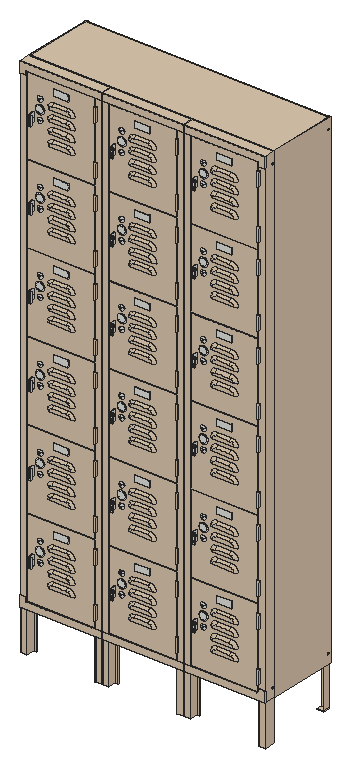
Revit family "Metal_Lockers-Salsbury_Industries-65000_66000_Series-3_Wide_Units", category Specialty Equipment, Revit 2024
Family settings
  Round Connector Dimension = Use Diameter
  Part Type = Normal
  OmniClass Number = 23.40.00.00
  OmniClass Title = Equipment and Furnishings
  Work Plane-Based = No
  Enable Cutting in Views = No
  Always vertical = Yes
  Cut with Voids When Loaded = No
  Maintain Annotation Orientation = No
  Shared = No
  Room Calculation Point = No
Parameters (values of type "66362 - with Standard 6" High Legs")
  Zee Base Corner - Right Side [instance] = Metal Locker Zee Base Corner : None
  Zee Base Corner - Left Side [instance] = Metal Locker Zee Base Corner : None
  Zee Base - Right Side [instance] = Metal Locker Zee Base-Right Side : None
  Zee Base - Left Side [instance] = Metal Locker Zee Base-Left Side : None
  Zee Base = Metal Locker Zee Base - 3 Wide : None
  Width = 36.040"
  Version = "2.0 (06/30/17)"
  Unit Height including Sloping Hood Only [instance] = 78.625"
  Unit Height = 72.000"
  URL = "www.lockers.com"
  Type Comments = "Standard Metal Lockers - Six Tier"
  Total Door(s) Height [instance] = 69.81949"
  Top Row of Doors = yes
  Top Compartment Divider = yes
  Test Data = "https://www.lockers.com/videolibrary/"
  Specification = "https://www.lockers.com/architect-resources//"
  Sloping Top In-Line Filler - Right Side [instance] = Metal Locker Sloping Top Filler : None
  Sloping Top In-Line Filler - Left Side [instance] = Metal Locker Sloping Top Filler : None
  Sloping Top Corner Filler - Right Side [instance] = Metal Locker Sloping Corner Filler : None
  Sloping Top Corner Filler - Left Side [instance] = Metal Locker Sloping Corner Filler : None
  Sloping Hood Height = if(Depth = 12.010", 6.625", if(Depth = 15.010", 8.682", if(Depth = 18.010", 10.739", 0.000")))  # 6.625"
  Sloping Hood = Metal Locker Sloping Hood : None
  Sales Information = "https://www.lockers.com/request_a_quote/"
  Revision = "R1_2018-10"
  Product Data = "https://www.lockers.com/downloads__catalog/"
  Manufacturer Website = "https://www.lockers.com/"
  Manufacturer Phone - Toll Free = "1-800-562-5377"
  Manufacturer Phone = "(323) 846-6700"
  Manufacturer Fax = "1-800-562-5399"
  Manufacturer Address = "1010 East 62nd Street, Los Angeles, CA 90001-1598"
  Keynote = "10 51 00"
  Installation-Fabrication = "https://www.lockers.com/downloads__installation_instructions/"
  Green Building-LEED = "https://www.arcat.com/green/green_building.shtml"
  Drawn By = ""
  Default Elevation = 0.000"
  Copyright = ""
  Construction Details = "https://www.lockers.com/downloads__catalog/"
  Compartment Divider Height = Individual Door Height - 0.375"  # 11.157"
  Right Side Base [instance] = Metal Locker Right Side Base : None
  Primary Structure Material [instance] = Paint - Salsbury Finish - Tan
  Overall Width including Rivets [instance] = 36.120"
  Unit Height including Base Only [instance] = 78.000"
  Overall Unit Height (including Base and Sloping Hood) [instance] = 84.625"
  OmniClass 23 Title = "Equipment and Furnishings"
  OmniClass 23 Number = "23.40.00.00"
  Model = "66362"
  MasterFormat Title = "Lockers"
  MasterFormat Number = "10 51 13"
  Manufacturer = "Salsbury Industries"
  Left Side Base [instance] = Metal Locker Left Side Base : None
  Individual Door Height = 11.532"
  Hasp Plate Rivet Material = Steel -Salsbury Finish - Polished Steel
  Hasp Handle Material = Plastic - Salsbury Finish - Black
  Front Vertical Filler - Right [instance] = Metal Locker Front Filler : None
  Front Vertical Filler - Left [instance] = Metal Locker Front Filler : None
  Front Base [instance] = Metal Locker Front Base : None
  Flat Top In-Line Filler - Right Side [instance] = Metal Locker Flat Top Filler : None
  Flat Top In-Line Filler - Left Side [instance] = Metal Locker Flat Top Filler : None
  Flat Top Corner Filler - Right Side [instance] = Metal Locker Flat Corner Filler : None
  Flat Top Corner Filler - Left Side [instance] = Metal Locker Flat Corner Filler : None
  Individual Door Width [instance] = 33.90055"
  End Panel - Right Side [instance] = Metal Locker End Panel : None
  End Panel - Left Side [instance] = Metal Locker End Panel : None
  Door Location D1 = Metal Locker Doors-12 inch with Latch Hasps : Six Tier Door - 6 foot
  Description = "3 Wide - 6 Feet High - 12 Inches Deep"
  Depth = 12.010"
  Category = ""
  Building Codes = "https://www.lockers.com/downloads__forms_and_information/"
  Base Height = 6.000"
  Standard Leg Base = Metal Locker Legs - 3 Wide : 6" High - 36" W x 12" D
  Assembly Code = "C1030310"
Reference planes (in)
  plane 1 "Center (Front/Back)": y = 0
  plane 2: z = 0
  plane 3 "Center (Left/Right)": x = 0
  plane 4 "Floor": z = 0
  plane 5 "Bottom of Unit": z = 6
  plane 6 "Top of Unit": z = 78
  plane 7 "Left Side of Unit": x = -18.02
  plane 8 "Right Side of Unit": x = 18.02
  plane 9 "Back of Unit": y = 6.005
  plane 10 "Front of Unit": y = -6.005
  plane 11 "Top of Sloping Hood": z = 84.625
  plane 12 "Left Rivet": x = -18.06
  plane 13 "Right Rivet": x = 18.06
  plane 14 "Right Side of Door Opening": x = 17.02
  plane 15 "Left Side of Door Opening": x = -17.02
  plane 16 "Top of Door Opening": z = 77
  plane 17 "Bottom of Door Opening": z = 7
  plane 18 "Back Edge of Front Facing": y = -4.417
  plane 19 "Front Plate Plane": y = -6.065
  plane 20 "Horizontal Center of Top Rivets": z = 76.5
  plane 21 "Horiz Center of Bottom Rivets": z = 7.5
  plane 22 "Vertical Center of Back Rivets": y = 5.505
  plane 23 "Vertical Center of Front Rivets": y = -4.755
  plane 24 "Right Align Top Filler Overlap": x = 17.435
  plane 25 "Left Align Top Filler Overlap": x = -17.435
  plane 26 "Corner Filler Align-Left": x = -18.08
  plane 27 "Corner Filler Align-Right": x = 18.08
  plane 28 "Right Side of Door": x = 16.95026
  plane 29 "Top of Door 1": z = 76.90976
  plane 30 "Bottom of Bottom Door": z = 7.09027
  plane 31 "Zee Base Offset": x = -17.669
  plane 32: x = 17.669
  plane 33 "Compartment Align 3": z = 19.157
  plane 34: x = -17.96
  plane 35: x = 17.96
  plane 36: x = -17.635
  plane 37: x = 17.635
  plane 38: y = 5.945
  plane 39: y = 5.895
  plane 40: y = 5.145
  plane 41: x = -17.9
  plane 42: x = 17.9
  plane 43: x = -17.095
  plane 44: x = 17.095
  plane 45: z = 77.94
  plane 46: z = 19.097
  plane 47: z = 18.157
  plane 48: z = 6.9204
  plane 49: z = 6.18539
  plane 50: z = 76.40796
  plane 51: z = 7.59204
  plane 52 "Right Side of Center Unit": x = 6.00667
  plane 53 "Left Side of Center Unit": x = -6.00667
  plane 54: x = 6.98167
  plane 55 "Left Side of Door Opening-Right Door": x = 7.00667
  plane 56: x = 5.03167
  plane 57 "Right Side of Door Opening-Center Door": x = 5.00667
  plane 58 "Right Side of Door - Center Door": x = 4.93667
  plane 59: x = -5.03167
  plane 60 "Left Side of Door Opening - Center Door": x = -5.00667
  plane 61: x = -6.98167
  plane 62 "Right Side of Door Opening - Left Door": x = -7.00667
  plane 63 "Right Side of Door - Left Door": x = -7.07667
  plane 64: z = 18.157
  plane 65 "Top of Door Row 3": z = 18.62227
  plane 66 "Bottom of Door Row 2": z = 18.74776
  plane 67 "Top of Door Row 2": z = 30.27976
  plane 68: z = 30.40676
  plane 69 "Compartment Align 2": z = 30.77927
  plane 70: z = 30.71927
  plane 71: z = 29.77927
  plane 72: z = 53.22076
  plane 73: z = 41.93876
  plane 74: z = 42.06376
  plane 75: z = 41.43676
  plane 76: z = 42.37676
  plane 77 "Compartment Align 1": z = 42.43676
  plane 78: z = 70.70625
  plane 79: z = 53.59576
  plane 80: z = 53.72076
  plane 81: z = 65.25276
  plane 82: z = 65.37776
  plane 83: z = 53.09576
  plane 84: z = 54.03576
  plane 85: z = 54.09576
  plane 86: z = 64.75276
  plane 87: z = 65.69276
  plane 88: z = 65.75276
  plane 89: z = 82.36525
  plane 90: z = 94.02225
Forms (in)
  Sweep 1, solid, material "Paint - Salsbury Finish - Tan" <- "Primary Structure Material"
    path origin (0, -6.005, 0) x (1, 0, 0) y (0, 0, 1)
      loop
        line (6.00667, 78) -> (6.00667, 6) -> (18.02, 6) -> (18.02, 78) -> (6.00667, 78)
    profile origin (12.01333, -6.005, 78) x (0, 0, 1) y (0, -1, 0)
      loop
        line (0, 0) -> (-1, 0) -> (-1, -1.588) -> (0, -1.588) -> (0, 0)
  Extrusion 2, solid, material "Paint - Salsbury Finish - Tan" <- "Primary Structure Material"
    sketch origin (0, 0, 6) x (0, -1, 0) y (1, 0, 0)
      loop
        line (4.417, 18.02) -> (-6.005, 18.02) -> (-6.005, 17.635) -> (-5.945, 17.635) -> (-5.945, 17.96) -> (4.417, 17.96) -> (4.417, 18.02)
    from 0 to 72
  Extrusion 3, solid, material "Paint - Salsbury Finish - Tan" <- "Primary Structure Material"
    sketch origin (0, 0, 6) x (0, -1, 0) y (1, 0, 0)
      loop
        line (4.417, -18.02) -> (4.417, -17.96) -> (-5.945, -17.96) -> (-5.945, -17.635) -> (-6.005, -17.635) -> (-6.005, -18.02) -> (4.417, -18.02)
    from 0 to 72
  Extrusion 4, solid, material "Paint - Salsbury Finish - Tan" <- "Primary Structure Material"
    sketch origin (0, 0, 6) x (0, -1, 0) y (1, 0, 0)
      loop
        line (-5.945, -17.96) -> (-5.145, -17.96) -> (-5.145, -17.9) -> (-5.895, -17.9) -> (-5.895, 17.9) -> (-5.145, 17.9) -> (-5.145, 17.96) -> (-5.945, 17.96) -> (-5.945, -17.96)
    from 0 to 72
  Sweep 5, solid, material "Paint - Salsbury Finish - Tan" <- "Primary Structure Material"
    path origin (0, 0, 7) x (0, -1, 0) y (1, 0, 0)
      loop
        line (4.417, -17.96) -> (4.417, 17.96) -> (-5.145, 17.96) -> (-5.145, 17.9) -> (-5.895, 17.9) -> (-5.895, -17.9) -> (-5.145, -17.9) -> (-5.145, -17.96) -> (4.417, -17.96)
    profile origin (-17.96, 0.364, 7) x (-1, 0, 0) y (0, 0, 1)
      loop
        line (0, -0.81461) -> (0, -0.0796) -> (-0.06, -0.0796) -> (-0.06, -0.81461) -> (0, -0.81461)
  Extrusion 6, solid, material "Paint - Salsbury Finish - Tan" <- "Primary Structure Material"
    sketch origin (0, 0, 7) x (0, -1, 0) y (1, 0, 0)
      loop
        line (-5.895, -17.9) -> (-5.145, -17.9) -> (-5.145, -17.96) -> (4.417, -17.96) -> (4.417, 17.96) -> (-5.145, 17.96) -> (-5.145, 17.9) -> (-5.895, 17.9) -> (-5.895, -17.9)
    from -0.0796 to 0
  Extrusion 7, solid, material "Paint - Salsbury Finish - Tan" <- "Primary Structure Material"
    sketch origin (0, 0, 78) x (0, -1, 0) y (1, 0, 0)
      loop
        line (-5.895, -17.9) -> (-5.145, -17.9) -> (-5.145, -17.96) -> (4.417, -17.96) -> (4.417, 17.96) -> (-5.145, 17.96) -> (-5.145, 17.9) -> (-5.895, 17.9) -> (-5.895, -17.9)
    from -0.06 to 0
  Extrusion 8, solid, material "Paint - Salsbury Finish - Tan" <- "Primary Structure Material"
    sketch origin (0, -6.065, 0) x (0, 0, -1) y (1, 0, 0)
      loop
        line (-78, -18.02) -> (-76.47656, -18.02)
        arc (-76.47656, -18.02) -> (-76.42806, -17.99991) -> (-76.40796, -17.9514) r 0.0686
        line (-76.40796, -17.9514) -> (-76.40796, -17.16351)
        arc (-76.40796, -17.16351) -> (-76.42809, -17.11506) -> (-76.47656, -17.095) r 0.0686
        line (-76.47656, -17.095) -> (-77, -17.095) -> (-77, 17.095) -> (-76.47656, 17.095)
        arc (-76.47656, 17.095) -> (-76.42809, 17.11506) -> (-76.40796, 17.16351) r 0.0686
        line (-76.40796, 17.16351) -> (-76.40796, 17.9514)
        arc (-76.40796, 17.9514) -> (-76.42806, 17.99991) -> (-76.47656, 18.02) r 0.0686
        line (-76.47656, 18.02) -> (-78, 18.02) -> (-78, -18.02)
    from -0.06 to 0
  Extrusion 9, solid, material "Paint - Salsbury Finish - Tan" <- "Primary Structure Material"
    sketch origin (0, -6.065, 84) x (0, 0, 1) y (-1, 0, 0)
      loop
        line (-78, 18.02) -> (-78, -18.02) -> (-76.47656, -18.02)
        arc (-76.47656, -18.02) -> (-76.42806, -17.99991) -> (-76.40796, -17.9514) r 0.0686
        line (-76.40796, -17.9514) -> (-76.40796, -17.16351)
        arc (-76.40796, -17.16351) -> (-76.42809, -17.11506) -> (-76.47656, -17.095) r 0.0686
        line (-76.47656, -17.095) -> (-77, -17.095) -> (-77, 17.095) -> (-76.47656, 17.095)
        arc (-76.47656, 17.095) -> (-76.42809, 17.11506) -> (-76.40796, 17.16351) r 0.0686
        line (-76.40796, 17.16351) -> (-76.40796, 17.9514)
        arc (-76.40796, 17.9514) -> (-76.42806, 17.99991) -> (-76.47656, 18.02) r 0.0686
        line (-76.47656, 18.02) -> (-78, 18.02)
    from -0.06 to 0
  Blend 10, solid, material "Steel -Salsbury Finish - Polished Steel" <- "Hasp Plate Rivet Material"
    base sketch origin (18.02, 0, 0) x (0, 0, -1) y (0, -1, 0)
      loop
        circle (-76.5, 4.755) r 0.187
    top sketch origin (18.02, 0, 0) x (0, 0, -1) y (0, -1, 0)
      loop
        circle (-76.5, 4.755) r 0.05319
    from 0 to -0.04
  Blend 11, solid, material "Steel -Salsbury Finish - Polished Steel" <- "Hasp Plate Rivet Material"
    base sketch origin (18.02, 0, -69) x (0, 0, -1) y (0, -1, 0)
      loop
        circle (-76.5, 4.755) r 0.187
    top sketch origin (18.02, 0, -69) x (0, 0, -1) y (0, -1, 0)
      loop
        circle (-76.5, 4.755) r 0.05319
    from 0 to -0.04
  Blend 12, solid, material "Steel -Salsbury Finish - Polished Steel" <- "Hasp Plate Rivet Material"
    base sketch origin (18.02, 10.26, -69) x (0, 0, -1) y (0, -1, 0)
      loop
        circle (-76.5, 4.755) r 0.187
    top sketch origin (18.02, 10.26, -69) x (0, 0, -1) y (0, -1, 0)
      loop
        circle (-76.5, 4.755) r 0.05319
    from 0 to -0.04
  Blend 13, solid, material "Steel -Salsbury Finish - Polished Steel" <- "Hasp Plate Rivet Material"
    base sketch origin (18.02, 10.26, 0.0043) x (0, 0, -1) y (0, -1, 0)
      loop
        circle (-76.5, 4.755) r 0.187
    top sketch origin (18.02, 10.26, 0.0043) x (0, 0, -1) y (0, -1, 0)
      loop
        circle (-76.5, 4.755) r 0.05319
    from 0 to -0.04
  Blend 14, solid, material "Steel -Salsbury Finish - Polished Steel" <- "Hasp Plate Rivet Material"
    base sketch origin (-6.02, 0, -69) x (0, 0, -1) y (0, 1, 0)
      loop
        circle (-76.5, -4.755) r 0.187
    top sketch origin (-6.02, 0, -69) x (0, 0, -1) y (0, 1, 0)
      loop
        circle (-76.5, -4.755) r 0.05319
    from -12 to -12.04
  Blend 15, solid, material "Steel -Salsbury Finish - Polished Steel" <- "Hasp Plate Rivet Material"
    base sketch origin (-6.02, 10.26, -69) x (0, 0, -1) y (0, 1, 0)
      loop
        circle (-76.5, -4.755) r 0.187
    top sketch origin (-6.02, 10.26, -69) x (0, 0, -1) y (0, 1, 0)
      loop
        circle (-76.5, -4.755) r 0.05319
    from -12 to -12.04
  Blend 16, solid, material "Steel -Salsbury Finish - Polished Steel" <- "Hasp Plate Rivet Material"
    base sketch origin (-6.02, 0, 0) x (0, 0, -1) y (0, 1, 0)
      loop
        circle (-76.5, -4.755) r 0.187
    top sketch origin (-6.02, 0, 0) x (0, 0, -1) y (0, 1, 0)
      loop
        circle (-76.5, -4.755) r 0.05319
    from -12 to -12.04
  Blend 17, solid, material "Steel -Salsbury Finish - Polished Steel" <- "Hasp Plate Rivet Material"
    base sketch origin (-6.02, 10.26, 0.00039) x (0, 0, -1) y (0, 1, 0)
      loop
        circle (-76.5, -4.755) r 0.187
    top sketch origin (-6.02, 10.26, 0.00039) x (0, 0, -1) y (0, 1, 0)
      loop
        circle (-76.5, -4.755) r 0.05319
    from -12 to -12.04
  Extrusion 18, solid, material "Paint - Salsbury Finish - Tan" <- "Primary Structure Material"
    sketch origin (0, 0, 19.157) x (0, -1, 0) y (1, 0, 0)
      loop
        line (-5.945, -17.9) -> (-5.145, -17.9) -> (-5.145, -17.96) -> (4.417, -17.96) -> (4.417, 17.96) -> (-5.145, 17.96) -> (-5.145, 17.9) -> (-5.945, 17.9) -> (-5.945, -17.9)
    from -0.06 to 0
  Sweep 19, solid, material "Paint - Salsbury Finish - Tan" <- "Primary Structure Material"
    path origin (0, 0, 19.157) x (0, -1, 0) y (1, 0, 0)
      loop
        line (4.417, -17.96) -> (4.417, 17.96) -> (-5.145, 17.96) -> (-5.145, 17.9) -> (-5.945, 17.9) -> (-5.945, -17.9) -> (-5.145, -17.9) -> (-5.145, -17.96) -> (4.417, -17.96)
    profile origin (-17.96, 0.364, 19.157) x (-1, 0, 0) y (0, 0, 1)
      loop
        line (0, -1) -> (0, -0.06) -> (-0.06, -0.06) -> (-0.06, -1) -> (0, -1)
  Sweep 20, solid, material "Paint - Salsbury Finish - Tan" <- "Primary Structure Material"
    path origin (-12.01333, -6.005, 0) x (1, 0, 0) y (0, 0, 1)
      loop
        line (6.00667, 78) -> (6.00667, 6) -> (18.02, 6) -> (18.02, 78) -> (6.00667, 78)
    profile origin (0, -6.005, 78) x (0, 0, 1) y (0, -1, 0)
      loop
        line (0, 0) -> (-1, 0) -> (-1, -1.588) -> (0, -1.588) -> (0, 0)
  Sweep 21, solid, material "Paint - Salsbury Finish - Tan" <- "Primary Structure Material"
    path origin (-24.02667, -6.005, 0) x (1, 0, 0) y (0, 0, 1)
      loop
        line (6.00667, 78) -> (6.00667, 6) -> (18.02, 6) -> (18.02, 78) -> (6.00667, 78)
    profile origin (-12.01333, -6.005, 78) x (0, 0, 1) y (0, -1, 0)
      loop
        line (0, 0) -> (-1, 0) -> (-1, -1.588) -> (0, -1.588) -> (0, 0)
  Extrusion 22, solid, material "Paint - Salsbury Finish - Tan" <- "Primary Structure Material"
    sketch origin (0, 0, 30.77927) x (0, -1, 0) y (1, 0, 0)
      loop
        line (-5.945, -17.9) -> (-5.145, -17.9) -> (-5.145, -17.96) -> (4.417, -17.96) -> (4.417, 17.96) -> (-5.145, 17.96) -> (-5.145, 17.9) -> (-5.945, 17.9) -> (-5.945, -17.9)
    from -0.06 to 0
  Sweep 23, solid, material "Paint - Salsbury Finish - Tan" <- "Primary Structure Material"
    path origin (0, 0, 30.77927) x (0, -1, 0) y (1, 0, 0)
      loop
        line (4.417, -17.96) -> (4.417, 17.96) -> (-5.145, 17.96) -> (-5.145, 17.9) -> (-5.945, 17.9) -> (-5.945, -17.9) -> (-5.145, -17.9) -> (-5.145, -17.96) -> (4.417, -17.96)
    profile origin (-17.96, 0.364, 30.77927) x (-1, 0, 0) y (0, 0, 1)
      loop
        line (0, -1) -> (0, -0.06) -> (-0.06, -0.06) -> (-0.06, -1) -> (0, -1)
  Extrusion 24, solid, material "Paint - Salsbury Finish - Tan" <- "Primary Structure Material"
    sketch origin (0, 0, 42.43676) x (0, -1, 0) y (1, 0, 0)
      loop
        line (-5.945, -17.9) -> (-5.145, -17.9) -> (-5.145, -17.96) -> (4.417, -17.96) -> (4.417, 17.96) -> (-5.145, 17.96) -> (-5.145, 17.9) -> (-5.945, 17.9) -> (-5.945, -17.9)
    from -0.06 to 0
  Sweep 25, solid, material "Paint - Salsbury Finish - Tan" <- "Primary Structure Material"
    path origin (0, 0, 42.43676) x (0, -1, 0) y (1, 0, 0)
      loop
        line (4.417, -17.96) -> (4.417, 17.96) -> (-5.145, 17.96) -> (-5.145, 17.9) -> (-5.945, 17.9) -> (-5.945, -17.9) -> (-5.145, -17.9) -> (-5.145, -17.96) -> (4.417, -17.96)
    profile origin (-17.96, 0.364, 42.43676) x (-1, 0, 0) y (0, 0, 1)
      loop
        line (0, -1) -> (0, -0.06) -> (-0.06, -0.06) -> (-0.06, -1) -> (0, -1)
  Extrusion 26, solid, material "Paint - Salsbury Finish - Tan" <- "Primary Structure Material"
    sketch origin (0, 0, 54.09576) x (0, -1, 0) y (1, 0, 0)
      loop
        line (-5.945, -17.9) -> (-5.145, -17.9) -> (-5.145, -17.96) -> (4.417, -17.96) -> (4.417, 17.96) -> (-5.145, 17.96) -> (-5.145, 17.9) -> (-5.945, 17.9) -> (-5.945, -17.9)
    from -0.06 to 0
  Sweep 27, solid, material "Paint - Salsbury Finish - Tan" <- "Primary Structure Material"
    path origin (0, 0, 54.09576) x (0, -1, 0) y (1, 0, 0)
      loop
        line (4.417, -17.96) -> (4.417, 17.96) -> (-5.145, 17.96) -> (-5.145, 17.9) -> (-5.945, 17.9) -> (-5.945, -17.9) -> (-5.145, -17.9) -> (-5.145, -17.96) -> (4.417, -17.96)
    profile origin (-17.96, 0.364, 54.09576) x (-1, 0, 0) y (0, 0, 1)
      loop
        line (0, -1) -> (0, -0.06) -> (-0.06, -0.06) -> (-0.06, -1) -> (0, -1)
  Extrusion 28, solid, material "Paint - Salsbury Finish - Tan" <- "Primary Structure Material", visible <- "Top Compartment Divider"
    sketch origin (0, 0, 65.75276) x (0, -1, 0) y (1, 0, 0)
      loop
        line (-5.945, -17.9) -> (-5.145, -17.9) -> (-5.145, -17.96) -> (4.417, -17.96) -> (4.417, 17.96) -> (-5.145, 17.96) -> (-5.145, 17.9) -> (-5.945, 17.9) -> (-5.945, -17.9)
    from -0.06 to 0
  Sweep 29, solid, material "Paint - Salsbury Finish - Tan" <- "Primary Structure Material", visible <- "Top Compartment Divider"
    path origin (0, 0, 65.75276) x (0, -1, 0) y (1, 0, 0)
      loop
        line (4.417, -17.96) -> (4.417, 17.96) -> (-5.145, 17.96) -> (-5.145, 17.9) -> (-5.945, 17.9) -> (-5.945, -17.9) -> (-5.145, -17.9) -> (-5.145, -17.96) -> (4.417, -17.96)
    profile origin (-17.96, 0.364, 65.75276) x (-1, 0, 0) y (0, 0, 1)
      loop
        line (0, -1) -> (0, -0.06) -> (-0.06, -0.06) -> (-0.06, -1) -> (0, -1)
Lines and regions (in)
  reference lines
    curve 1: line (-41.59242, -6.065, 78) -> (48.15758, -6.065, 78)
  symbolic lines
    curve 2: line (-18.02, 6.005, 78) -> (18.02, 6.005, 78)
    curve 3: line (-18.02, -6.065, 78) -> (-18.02, 6.005, 78)
    curve 4: line (18.02, -6.065, 78) -> (-18.02, -6.065, 78)
    curve 5: line (18.02, 6.005, 78) -> (18.02, -6.065, 78)
    curve 6: line (-18.06, -4.80819, 78) -> (-18.02, -4.91809, 78)
    curve 7: line (-18.02, -4.58043, 78) -> (-18.06, -4.70181, 78)
    curve 8: line (-18.06, -4.80819, 78) -> (-18.06, -4.70181, 78)
    curve 9: line (-18.06, 5.45181, 78) -> (-18.02, 5.31077, 78)
    curve 10: line (-18.06, 5.55819, 78) -> (-18.02, 5.68474, 78)
    curve 11: line (-18.06, 5.55819, 78) -> (-18.06, 5.45181, 78)
    curve 12: line (18.06, 5.55819, 78) -> (18.02, 5.70747, 78)
    curve 13: line (18.06, 5.45181, 78) -> (18.02, 5.3179, 78)
    curve 14: line (18.06, 5.55819, 78) -> (18.06, 5.45181, 78)
    curve 15: line (18.06, -4.70181, 78) -> (18.02, -4.57098, 78)
    curve 16: line (18.06, -4.80819, 78) -> (18.02, -4.94769, 78)
    curve 17: line (18.06, -4.70181, 78) -> (18.06, -4.80819, 78)
  model lines
    curve 18: line (6.00667, 6.005, 6) -> (6.00667, 6.005, 78)
    curve 19: line (-6.00667, 6.005, 6) -> (-6.00667, 6.005, 78)
    curve 20: line (-6.00667, 5.945, 78) -> (-6.00667, -6.065, 78)
    curve 21: line (6.00667, 5.945, 78) -> (6.00667, -6.065, 78)
Dimensions and locks (in)
  equal spacing: plane 7 "Left Side of Unit", plane 53 "Left Side of Center Unit", plane 52 "Right Side of Center Unit", plane 8 "Right Side of Unit"
  "Width": plane 7 "Left Side of Unit" to plane 8 "Right Side of Unit"
  "Base Height": plane 5 "Bottom of Unit" to plane 4 "Floor"
  "Unit Height": plane 6 "Top of Unit" to plane 5 "Bottom of Unit"
  "Unit Height including Base Only": plane 6 "Top of Unit" to plane 4 "Floor"
  equal spacing: plane 10 "Front of Unit", plane 1 "Center (Front/Back)", plane 9 "Back of Unit"
  "Depth": plane 10 "Front of Unit" to plane 9 "Back of Unit"
  "Sloping Hood Height": plane 11 "Top of Sloping Hood" to plane 6 "Top of Unit"
  "Overall Unit Height (including Base and Sloping Hood)": plane 11 "Top of Sloping Hood" to plane 4 "Floor"
  locked: plane 12 "Left Rivet" to plane 7 "Left Side of Unit" at 0.04
  locked: plane 8 "Right Side of Unit" to plane 13 "Right Rivet" at 0.04
  "Overall Width including Rivets": plane 12 "Left Rivet" to plane 13 "Right Rivet"
  plane 6 "Top of Unit" to plane 16 "Top of Door Opening" to plane 29 "Top of Door 1" to plane 50 = 1.000" locked, 0.09024", 0.5018"
  plane 51 to plane 30 "Bottom of Bottom Door" to plane 17 "Bottom of Door Opening" to plane 5 "Bottom of Unit" = 0.50177", 0.09027", 1.000" locked
  locked: plane 7 "Left Side of Unit" to plane 15 "Left Side of Door Opening" at 1
  plane 28 "Right Side of Door" to plane 14 "Right Side of Door Opening" to plane 8 "Right Side of Unit" = 0.06974", 1.000" locked
  plane 19 "Front Plate Plane" to plane 10 "Front of Unit" to plane 18 "Back Edge of Front Facing" = 0.060" locked, 1.588" locked
  "Unit Height including Sloping Hood Only": plane 11 "Top of Sloping Hood" to plane 5 "Bottom of Unit"
  locked: plane 20 "Horizontal Center of Top Rivets" to plane 6 "Top of Unit" at 1.5
  locked: plane 5 "Bottom of Unit" to plane 21 "Horiz Center of Bottom Rivets" at 1.5
  locked: plane 22 "Vertical Center of Back Rivets" to plane 9 "Back of Unit" at 0.5
  locked: plane 10 "Front of Unit" to plane 23 "Vertical Center of Front Rivets" at 1.25
  locked: plane 24 "Right Align Top Filler Overlap" to plane 13 "Right Rivet" at 0.625
  locked: plane 12 "Left Rivet" to plane 25 "Left Align Top Filler Overlap" at 0.625
  locked: plane 8 "Right Side of Unit" to plane 27 "Corner Filler Align-Right" at 0.06
  locked: plane 26 "Corner Filler Align-Left" to plane 7 "Left Side of Unit" at 0.06
  "Total Door(s) Height": plane 29 "Top of Door 1" to plane 30 "Bottom of Bottom Door"
  plane 7 "Left Side of Unit" to plane 31 "Zee Base Offset" = 0.351"
  plane 32 to plane 8 "Right Side of Unit" = 0.351"
  plane 33 "Compartment Align 3" to plane 46 to plane 64 = 0.060" locked, 0.940" locked
  plane 7 "Left Side of Unit" to plane 34 to plane 41 to plane 36 = 0.060" locked, 0.060" locked, 0.265" locked
  plane 37 to plane 42 to plane 35 to plane 8 "Right Side of Unit" = 0.265" locked, 0.060", 0.060"
  plane 40 to plane 39 to plane 38 to plane 9 "Back of Unit" = 0.750" locked, 0.050", 0.060"
  locked: plane 7 "Left Side of Unit" to plane 43 at 0.925
  locked: plane 44 to plane 8 "Right Side of Unit" at 0.925
  locked: plane 6 "Top of Unit" to plane 45 at 0.06
  plane 46 to plane 47 = 0.940"
  locked: plane 17 "Bottom of Door Opening" to plane 48 at 0.0796
  plane 48 to plane 49 = 0.73501"
  plane 58 "Right Side of Door - Center Door" to plane 57 "Right Side of Door Opening-Center Door" to plane 56 to plane 52 "Right Side of Center Unit" to plane 54 to plane 55 "Left Side of Door Opening-Right Door" = 0.070", 0.025", 0.975", 0.975", 0.025"
  plane 63 "Right Side of Door - Left Door" to plane 62 "Right Side of Door Opening - Left Door" to plane 61 to plane 53 "Left Side of Center Unit" to plane 59 to plane 60 "Left Side of Door Opening - Center Door" = 0.070", 0.025", 0.975", 0.975", 0.025"
  "Individual Door Height": plane 65 "Top of Door Row 3" to plane 30 "Bottom of Bottom Door"
  "Compartment Divider Height": plane 64 to plane 17 "Bottom of Door Opening"
  locked: plane 66 "Bottom of Door Row 2" to plane 65 "Top of Door Row 3" at 0.12549
  "Individual Door Height": plane 67 "Top of Door Row 2" to plane 66 "Bottom of Door Row 2"
  locked: plane 68 to plane 67 "Top of Door Row 2" at 0.127
  plane 69 "Compartment Align 2" to plane 70 to plane 71 = 0.060" locked, 0.940" locked
  "Compartment Divider Height": plane 71 to plane 65 "Top of Door Row 3"
  "Individual Door Height": plane 73 to plane 68
  locked: plane 74 to plane 73 at 0.125
  "Compartment Divider Height": plane 75 to plane 67 "Top of Door Row 2"
  plane 77 "Compartment Align 1" to plane 76 to plane 75 = 0.060" locked, 0.940" locked
  locked: plane 80 to plane 79 at 0.125
  locked: plane 82 to plane 81 at 0.125
  "Individual Door Height": plane 79 to plane 74
  "Individual Door Height": plane 81 to plane 80
  "Compartment Divider Height": plane 83 to plane 73
  "Compartment Divider Height": plane 86 to plane 79
  plane 85 to plane 84 to plane 83 = 0.060" locked, 0.940" locked
  plane 88 to plane 87 to plane 86 = 0.060" locked, 0.940" locked
  aligned and locked: level to plane 2
  aligned and locked: Extrusion 2 to plane 6 "Top of Unit"
  aligned and locked: Extrusion 3 to plane 6 "Top of Unit"
  aligned and locked: Extrusion 4 to plane 6 "Top of Unit"
  aligned and locked: Extrusion 8 to plane 10 "Front of Unit"
  aligned and locked: Extrusion 9 to plane 10 "Front of Unit"
  aligned and locked: Extrusion 6 to plane 17 "Bottom of Door Opening"
  aligned and locked: plane 4 "Floor" to nested 2
  aligned and locked: plane 5 "Bottom of Unit" to Extrusion 9
  aligned and locked: plane 8 "Right Side of Unit" to nested 6
  aligned and locked: plane 7 "Left Side of Unit" to nested 7
  aligned and locked: Blend 10 to plane 13 "Right Rivet"
  aligned and locked: plane 8 "Right Side of Unit" to Blend 10
  aligned and locked: Blend 15 to plane 7 "Left Side of Unit"
  aligned and locked: Blend 14 to plane 7 "Left Side of Unit"  (x2)
  aligned and locked: plane 12 "Left Rivet" to Blend 14
  aligned and locked: plane 12 "Left Rivet" to Blend 15
  aligned and locked: Blend 14 to plane 12 "Left Rivet"
  aligned and locked: Blend 17 to plane 7 "Left Side of Unit"
  aligned and locked: plane 12 "Left Rivet" to Blend 17
  aligned and locked: Blend 16 to plane 7 "Left Side of Unit"
  aligned and locked: plane 12 "Left Rivet" to Blend 16
  aligned and locked: plane 5 "Bottom of Unit" to nested 10
  aligned and locked: plane 13 "Right Rivet" to nested 10
  aligned and locked: plane 12 "Left Rivet" to nested 11
  aligned and locked: nested 11 to plane 10 "Front of Unit"
  aligned and locked: plane 13 "Right Rivet" to nested 12
  aligned and locked: plane 10 "Front of Unit" to nested 12
  aligned and locked: plane 6 "Top of Unit" to nested 12
  aligned and locked: plane 12 "Left Rivet" to nested 13
  aligned and locked: plane 10 "Front of Unit" to nested 13
  aligned and locked: plane 6 "Top of Unit" to nested 13
  aligned and locked: plane 6 "Top of Unit" to nested 14
  aligned and locked: nested 14 to plane 19 "Front Plate Plane"
  aligned and locked: nested 14 to plane 24 "Right Align Top Filler Overlap"
  aligned and locked: nested 15 to plane 25 "Left Align Top Filler Overlap"
  aligned and locked: nested 15 to plane 19 "Front Plate Plane"
  aligned and locked: nested 10 to nested 15
  aligned and locked: plane 19 "Front Plate Plane" to nested 16
  aligned and locked: plane 6 "Top of Unit" to nested 16
  aligned and locked: nested 17 to plane 6 "Top of Unit"
  aligned and locked: nested 17 to plane 19 "Front Plate Plane"
  aligned and locked: nested 18 to plane 24 "Right Align Top Filler Overlap"
  aligned and locked: nested 18 to plane 19 "Front Plate Plane"
  aligned and locked: plane 16 "Top of Door Opening" to nested 18
  aligned and locked: nested 19 to plane 16 "Top of Door Opening"
  aligned and locked: nested 19 to plane 25 "Left Align Top Filler Overlap"
  aligned and locked: nested 19 to plane 19 "Front Plate Plane"
  aligned and locked: nested 11 to plane 6 "Top of Unit"
  aligned and locked: plane 10 "Front of Unit" to nested 10
  aligned and locked: plane 10 "Front of Unit" to nested 22
  aligned and locked: plane 10 "Front of Unit" to nested 1
  aligned and locked: plane 10 "Front of Unit" to nested 2
  aligned and locked: plane 7 "Left Side of Unit" to nested 17
  aligned and locked: plane 31 "Zee Base Offset" to nested 9
  aligned and locked: plane 18 "Back Edge of Front Facing" to nested 9
  aligned and locked: nested 8 to plane 18 "Back Edge of Front Facing"
  aligned and locked: plane 32 to nested 8
  aligned and locked: nested 21 to curve 1
  aligned and locked: nested 20 to curve 1
  aligned and locked: Sweep 19 sketch curve to Extrusion 18
  aligned and locked: plane 7 "Left Side of Unit" to Extrusion 3
  aligned and locked: Extrusion 3 to plane 9 "Back of Unit"
  aligned and locked: Extrusion 2 to plane 8 "Right Side of Unit"
  aligned and locked: Extrusion 2 to plane 9 "Back of Unit"
  aligned and locked: plane 18 "Back Edge of Front Facing" to Extrusion 3
  aligned and locked: plane 18 "Back Edge of Front Facing" to Extrusion 2
  aligned and locked: plane 34 to Extrusion 3
  aligned and locked: plane 35 to Extrusion 2
  aligned and locked: plane 36 to Extrusion 3
  aligned and locked: plane 37 to Extrusion 2
  aligned and locked: Extrusion 3 to plane 38
  aligned and locked: plane 38 to Extrusion 2
  aligned and locked: Extrusion 4 to plane 38
  aligned and locked: Extrusion 4 to plane 39
  aligned and locked: plane 34 to Extrusion 4
  aligned and locked: plane 40 to Extrusion 4  (x2)
  aligned and locked: plane 41 to Extrusion 4
  aligned and locked: plane 42 to Extrusion 4
  aligned and locked: Extrusion 7 to plane 39
  aligned and locked: plane 41 to Extrusion 7
  aligned and locked: plane 34 to Extrusion 7  (x2)
  aligned and locked: Extrusion 7 to plane 40  (x2)
  aligned and locked: Extrusion 7 to plane 42
  aligned and locked: Extrusion 7 to plane 35  (x2)
  aligned and locked: plane 18 "Back Edge of Front Facing" to Extrusion 7
  aligned and locked: plane 18 "Back Edge of Front Facing" to Extrusion 6
  aligned and locked: Extrusion 6 to plane 39
  aligned and locked: Extrusion 6 to plane 42
  aligned and locked: Extrusion 6 to plane 40  (x2)
  aligned and locked: Extrusion 6 to plane 35
  aligned and locked: plane 41 to Extrusion 6
  aligned and locked: plane 34 to Extrusion 6
  aligned and locked: Sweep 5 to plane 39
  aligned and locked: Sweep 5 to plane 40  (x2)
  aligned and locked: Sweep 5 to plane 42
  aligned and locked: Sweep 5 to plane 35
  aligned and locked: plane 18 "Back Edge of Front Facing" to Sweep 5
  aligned and locked: plane 34 to Sweep 5
  aligned and locked: plane 41 to Sweep 5
  aligned and locked: Sweep 5 sketch curve to plane 41
  aligned and locked: Sweep 5 sketch curve to plane 39
  aligned and locked: plane 40 to Sweep 5 sketch curve  (x2)
  aligned and locked: Sweep 5 sketch curve to plane 34  (x2)
  aligned and locked: plane 42 to Sweep 5 sketch curve
  aligned and locked: plane 35 to Sweep 5 sketch curve
  aligned and locked: Sweep 5 sketch curve to plane 18 "Back Edge of Front Facing"
  aligned and locked: Extrusion 18 to plane 42
  aligned and locked: Extrusion 18 to plane 40  (x2)
  aligned and locked: Extrusion 18 to plane 35
  aligned and locked: plane 18 "Back Edge of Front Facing" to Extrusion 18
  aligned and locked: plane 34 to Extrusion 18
  aligned and locked: plane 41 to Extrusion 18
  aligned and locked: plane 42 to Sweep 19 sketch curve
  aligned and locked: plane 40 to Sweep 19 sketch curve  (x2)
  aligned and locked: plane 35 to Sweep 19 sketch curve
  aligned and locked: Sweep 19 sketch curve to plane 18 "Back Edge of Front Facing"
  aligned and locked: Sweep 19 sketch curve to plane 34  (x2)
  aligned and locked: Sweep 19 sketch curve to plane 41
  aligned and locked: plane 6 "Top of Unit" to Sweep 1 sketch curve  (x2)
  aligned and locked: plane 8 "Right Side of Unit" to Sweep 1 sketch curve
  aligned and locked: Sweep 1 sketch curve to plane 5 "Bottom of Unit"
  aligned and locked: plane 10 "Front of Unit" to Sweep 1
  aligned and locked: Extrusion 8 to plane 19 "Front Plate Plane"
  aligned and locked: plane 10 "Front of Unit" to Extrusion 8
  aligned and locked: Extrusion 8 to plane 8 "Right Side of Unit"
  aligned and locked: plane 7 "Left Side of Unit" to Extrusion 8
  aligned and locked: plane 7 "Left Side of Unit" to Extrusion 9
  aligned and locked: plane 19 "Front Plate Plane" to Extrusion 9
  aligned and locked: Extrusion 9 to plane 8 "Right Side of Unit"
  aligned and locked: plane 43 to Extrusion 9
  aligned and locked: plane 44 to Extrusion 9
  aligned and locked: plane 44 to Extrusion 8
  aligned and locked: Extrusion 8 to plane 43
  aligned and locked: plane 28 "Right Side of Door" to nested 22
  aligned and locked: plane 18 "Back Edge of Front Facing" to Sweep 1 sketch curve
  aligned and locked: Sweep 1 sketch curve to plane 16 "Top of Door Opening"
  aligned and locked: Sweep 1 sketch curve to plane 10 "Front of Unit"
  aligned and locked: plane 5 "Bottom of Unit" to Extrusion 4
  aligned and locked: Extrusion 4 to plane 35
  aligned and locked: plane 5 "Bottom of Unit" to Extrusion 3
  aligned and locked: plane 5 "Bottom of Unit" to Extrusion 2
  aligned and locked: Extrusion 7 to plane 6 "Top of Unit"
  aligned and locked: plane 45 to Extrusion 7
  aligned and locked: Extrusion 18 to plane 33 "Compartment Align 3"
  aligned and locked: Extrusion 18 to plane 46
  aligned and locked: plane 41 to Sweep 19 sketch curve
  aligned and locked: plane 47 to Sweep 19 sketch curve
  aligned and locked: Extrusion 6 to plane 48
  aligned and locked: Sweep 5 to plane 48
  aligned and locked: Sweep 5 sketch curve to plane 49
  aligned and locked: Sweep 5 sketch curve to plane 48
  aligned and locked: plane 41 to Sweep 5 sketch curve
  aligned and locked: plane 50 to Extrusion 8
  aligned and locked: Extrusion 8 to plane 50
  aligned and locked: Extrusion 8 to plane 6 "Top of Unit"
  aligned and locked: plane 16 "Top of Door Opening" to Extrusion 8
  aligned and locked: Extrusion 9 to plane 17 "Bottom of Door Opening"
  aligned and locked: plane 51 to Extrusion 9  (x2)
  aligned and locked: plane 4 "Floor" to nested 1
  aligned and locked: Blend 12 to plane 13 "Right Rivet"
  aligned and locked: plane 8 "Right Side of Unit" to Blend 12
  aligned and locked: plane 8 "Right Side of Unit" to Blend 13
  aligned and locked: Blend 13 to plane 13 "Right Rivet"
  aligned and locked: plane 8 "Right Side of Unit" to Blend 11
  aligned and locked: Blend 11 to plane 13 "Right Rivet"
  aligned and locked: nested 21 to curve 3
  aligned and locked: curve 4 to Extrusion 8
  aligned and locked: curve 5 to Extrusion 8
  aligned and locked: curve 8 to Blend 14
  aligned and locked: curve 11 to Blend 15
  aligned and locked: curve 14 to Blend 12
  aligned and locked: curve 17 to Blend 10
  aligned and locked: plane 8 "Right Side of Unit" to nested 20
  aligned and locked: plane 7 "Left Side of Unit" to nested 21
  aligned and locked: Sweep 1 sketch curve to plane 52 "Right Side of Center Unit"
  aligned and locked: plane 6 "Top of Unit" to Sweep 20 sketch curve
  aligned and locked: Sweep 20 sketch curve to plane 5 "Bottom of Unit"
  aligned and locked: Sweep 21 sketch curve to plane 5 "Bottom of Unit"
  aligned and locked: plane 53 "Left Side of Center Unit" to Sweep 21 sketch curve
  aligned and locked: Sweep 21 sketch curve to plane 7 "Left Side of Unit"
  aligned and locked: plane 6 "Top of Unit" to Sweep 21 sketch curve
  aligned and locked: Sweep 20 sketch curve to plane 53 "Left Side of Center Unit"
  aligned and locked: plane 52 "Right Side of Center Unit" to Sweep 20 sketch curve
  aligned and locked: plane 10 "Front of Unit" to nested 24
  aligned and locked: plane 18 "Back Edge of Front Facing" to Sweep 20 sketch curve
  aligned and locked: Sweep 20 sketch curve to plane 16 "Top of Door Opening"
  aligned and locked: profile plane to Sweep 20 sketch curve
  aligned and locked: Sweep 20 sketch curve to profile plane
  aligned and locked: profile plane to Sweep 21 sketch curve
  aligned and locked: plane 18 "Back Edge of Front Facing" to Sweep 21 sketch curve
  aligned and locked: Sweep 21 sketch curve to plane 16 "Top of Door Opening"
  aligned and locked: Sweep 21 sketch curve to profile plane
  aligned and locked: plane 58 "Right Side of Door - Center Door" to nested 23
  aligned and locked: plane 63 "Right Side of Door - Left Door" to nested 24
  aligned and locked: nested 23 to plane 30 "Bottom of Bottom Door"
  aligned and locked: nested 24 to plane 30 "Bottom of Bottom Door"
  aligned and locked: plane 4 "Floor" to nested 5
  aligned and locked: plane 8 "Right Side of Unit" to nested 5
  aligned and locked: plane 9 "Back of Unit" to nested 6
  aligned and locked: plane 9 "Back of Unit" to nested 7
  aligned and locked: plane 52 "Right Side of Center Unit" to curve 18
  aligned and locked: plane 53 "Left Side of Center Unit" to curve 19
  aligned and locked: plane 5 "Bottom of Unit" to curve 19
  aligned and locked: plane 5 "Bottom of Unit" to curve 18
  aligned and locked: plane 6 "Top of Unit" to curve 18
  aligned and locked: plane 6 "Top of Unit" to curve 19
  aligned and locked: curve 20 to Extrusion 4
  aligned and locked: curve 20 to Sweep 21
  aligned and locked: curve 21 to Sweep 20
  aligned and locked: Extrusion 4 to curve 21
  aligned and locked: Extrusion 8 to curve 20
  aligned and locked: plane 6 "Top of Unit" to nested 25
  aligned and locked: plane 19 "Front Plate Plane" to nested 25
  aligned and locked: plane 10 "Front of Unit" to nested 23
  aligned and locked: nested 22 to plane 30 "Bottom of Bottom Door"
  aligned and locked: Sweep 19 to plane 64
  aligned and locked: nested 26 to plane 66 "Bottom of Door Row 2"
  aligned and locked: nested 27 to plane 66 "Bottom of Door Row 2"
  aligned and locked: nested 28 to plane 66 "Bottom of Door Row 2"
  aligned and locked: plane 28 "Right Side of Door" to nested 26
  aligned and locked: plane 58 "Right Side of Door - Center Door" to nested 27
  aligned and locked: plane 63 "Right Side of Door - Left Door" to nested 28
  aligned and locked: plane 10 "Front of Unit" to nested 26
  aligned and locked: plane 10 "Front of Unit" to nested 27
  aligned and locked: plane 10 "Front of Unit" to nested 28
  aligned and locked: plane 68 to nested 29
  aligned and locked: nested 30 to plane 68
  aligned and locked: nested 31 to plane 68
  aligned and locked: Extrusion 22 to Sweep 23 sketch curve
  aligned and locked: plane 70 to Extrusion 22
  aligned and locked: Extrusion 22 to plane 69 "Compartment Align 2"
  aligned and locked: Sweep 23 sketch curve to plane 71
  aligned and locked: plane 28 "Right Side of Door" to nested 29
  aligned and locked: plane 58 "Right Side of Door - Center Door" to nested 30
  aligned and locked: plane 63 "Right Side of Door - Left Door" to nested 31
  aligned and locked: plane 10 "Front of Unit" to nested 29
  aligned and locked: plane 10 "Front of Unit" to nested 30
  aligned and locked: plane 10 "Front of Unit" to nested 31
  aligned and locked: Sweep 23 to Extrusion 22  (x2)
  aligned and locked: plane 18 "Back Edge of Front Facing" to Extrusion 22
  aligned and locked: Extrusion 22 to nested 5  (x2)
  aligned and locked: Extrusion 22 to Sweep 23  (x2)
  aligned and locked: Sweep 23 sketch curve to plane 18 "Back Edge of Front Facing"
  aligned and locked: plane 35 to Sweep 23 sketch curve
  aligned and locked: plane 42 to Sweep 23 sketch curve
  aligned and locked: Sweep 23 sketch curve to plane 34
  aligned and locked: Sweep 23 sketch curve to plane 41
  aligned and locked: Sweep 23 sketch curve to plane 38
  aligned and locked: plane 74 to nested 32
  aligned and locked: nested 33 to plane 74
  aligned and locked: nested 34 to plane 74
  aligned and locked: plane 28 "Right Side of Door" to nested 32
  aligned and locked: plane 58 "Right Side of Door - Center Door" to nested 33
  aligned and locked: plane 63 "Right Side of Door - Left Door" to nested 34
  aligned and locked: plane 10 "Front of Unit" to nested 32
  aligned and locked: plane 10 "Front of Unit" to nested 33
  aligned and locked: plane 10 "Front of Unit" to nested 34
  aligned and locked: Extrusion 24 to Sweep 25 sketch curve
  aligned and locked: Sweep 25 to Extrusion 24  (x2)
  aligned and locked: Extrusion 24 to Sweep 25  (x2)
  aligned and locked: Extrusion 24 to plane 77 "Compartment Align 1"
  aligned and locked: plane 76 to Extrusion 24
  aligned and locked: Extrusion 24 to plane 38
  aligned and locked: plane 18 "Back Edge of Front Facing" to Extrusion 24
  aligned and locked: plane 41 to Extrusion 24
  aligned and locked: Extrusion 24 to plane 42
  aligned and locked: Extrusion 24 to plane 35
  aligned and locked: Sweep 25 sketch curve to plane 34
  aligned and locked: Sweep 25 sketch curve to plane 41
  aligned and locked: Sweep 25 sketch curve to plane 18 "Back Edge of Front Facing"
  aligned and locked: plane 35 to Sweep 25 sketch curve
  aligned and locked: plane 42 to Sweep 25 sketch curve
  aligned and locked: Sweep 25 sketch curve to plane 38
  aligned and locked: Sweep 25 sketch curve to plane 75
  aligned and locked: plane 28 "Right Side of Door" to nested 38
  aligned and locked: plane 58 "Right Side of Door - Center Door" to nested 39
  aligned and locked: plane 63 "Right Side of Door - Left Door" to nested 40
  aligned and locked: nested 35 to plane 80
  aligned and locked: nested 36 to plane 80
  aligned and locked: nested 37 to plane 80
  aligned and locked: nested 38 to plane 82
  aligned and locked: nested 39 to plane 82
  aligned and locked: nested 40 to plane 82
  aligned and locked: plane 28 "Right Side of Door" to nested 35
  aligned and locked: plane 58 "Right Side of Door - Center Door" to nested 36
  aligned and locked: plane 63 "Right Side of Door - Left Door" to nested 37
  aligned and locked: plane 10 "Front of Unit" to nested 38
  aligned and locked: plane 10 "Front of Unit" to nested 35
  aligned and locked: plane 10 "Front of Unit" to nested 39
  aligned and locked: plane 10 "Front of Unit" to nested 36
  aligned and locked: plane 10 "Front of Unit" to nested 37
  aligned and locked: plane 10 "Front of Unit" to nested 40
  aligned and locked: Sweep 27 to Extrusion 26  (x2)
  aligned and locked: Extrusion 26 to Sweep 27  (x2)
  aligned and locked: Sweep 29 to Extrusion 28  (x2)
  aligned and locked: Extrusion 28 to Sweep 29  (x2)
  aligned and locked: Extrusion 26 to plane 85
  aligned and locked: plane 84 to Extrusion 26
  aligned and locked: Extrusion 28 to plane 88
  aligned and locked: plane 87 to Extrusion 28
  aligned and locked: Sweep 29 sketch curve to plane 86
  aligned and locked: plane 87 to Sweep 29 sketch curve
  aligned and locked: plane 84 to Sweep 27 sketch curve
  aligned and locked: Sweep 27 sketch curve to plane 83
  aligned and locked: Extrusion 28 to plane 38
  aligned and locked: plane 41 to Extrusion 28
  aligned and locked: plane 34 to Extrusion 28 sketch curve
  aligned and locked: plane 18 "Back Edge of Front Facing" to Extrusion 28 sketch curve
  aligned and locked: Extrusion 28 sketch curve to plane 35
  aligned and locked: Extrusion 28 sketch curve to plane 42
  aligned and locked: Sweep 29 sketch curve to plane 38
  aligned and locked: Sweep 29 sketch curve to plane 41
  aligned and locked: Sweep 29 sketch curve to plane 34
  aligned and locked: Sweep 29 sketch curve to plane 18 "Back Edge of Front Facing"
  aligned and locked: plane 35 to Sweep 29 sketch curve
  aligned and locked: plane 42 to Sweep 29 sketch curve
  aligned and locked: Extrusion 26 sketch curve to plane 38
  aligned and locked: plane 41 to Extrusion 26 sketch curve
  aligned and locked: plane 34 to Extrusion 26 sketch curve
  aligned and locked: plane 18 "Back Edge of Front Facing" to Extrusion 26 sketch curve
  aligned and locked: Extrusion 26 sketch curve to plane 35
  aligned and locked: Extrusion 26 sketch curve to plane 42
  aligned and locked: Sweep 27 sketch curve to plane 38
  aligned and locked: Sweep 27 sketch curve to plane 41
  aligned and locked: Sweep 27 sketch curve to plane 34
  aligned and locked: Sweep 27 sketch curve to plane 18 "Back Edge of Front Facing"
  aligned and locked: plane 42 to Sweep 27 sketch curve
  aligned and locked: Extrusion 28 sketch curve to plane 38
  aligned and locked: Extrusion 28 sketch curve to plane 40  (x2)
  aligned and locked: plane 40 to Sweep 29 sketch curve  (x2)
  aligned and locked: Extrusion 26 sketch curve to plane 40  (x2)
  aligned and locked: plane 40 to Sweep 27 sketch curve  (x2)
  aligned and locked: Extrusion 24 sketch curve to plane 38
  aligned and locked: Extrusion 24 sketch curve to plane 40  (x2)
  aligned and locked: plane 40 to Sweep 25 sketch curve  (x2)
  aligned and locked: Extrusion 22 sketch curve to plane 38
  aligned and locked: Extrusion 22 sketch curve to plane 40  (x2)
  aligned and locked: plane 40 to Sweep 23 sketch curve  (x2)
  aligned and locked: Extrusion 18 to plane 38
  aligned and locked: Extrusion 18 sketch curve to plane 40  (x2)
  aligned and locked: Sweep 19 sketch curve to plane 38
  aligned and locked: plane 9 "Back of Unit" to curve 2
Automatic sketch dimensions
  Extrusion 2 sketch curve to plane 8 "Right Side of Unit" = 0.000"
  plane 9 "Back of Unit" to Extrusion 2 sketch curve = 0.000"
  Extrusion 2 sketch curve to plane 37 = 0.000"
  plane 38 to Extrusion 2 sketch curve = 0.000"
  plane 18 "Back Edge of Front Facing" to Extrusion 2 sketch curve = 0.000"
  Extrusion 2 sketch curve to plane 35 = 0.000"
  Extrusion 3 sketch curve to plane 7 "Left Side of Unit" = 0.000"
  plane 9 "Back of Unit" to Extrusion 3 sketch curve = 0.000"
  Extrusion 3 sketch curve to plane 36 = 0.000"
  Extrusion 3 sketch curve to plane 38 = 0.000"
  plane 18 "Back Edge of Front Facing" to Extrusion 3 sketch curve = 0.000"
  Extrusion 3 sketch curve to plane 34 = 0.000"
  Extrusion 4 sketch curve to plane 34 = 0.000"
  Extrusion 4 sketch curve to plane 38 = 0.000"
  Extrusion 4 sketch curve to plane 39 = 0.000"
  plane 40 to Extrusion 4 sketch curve = 0.000"
  Extrusion 4 sketch curve to plane 40 = 0.000"
  Extrusion 4 sketch curve to plane 41 = 0.000"
  Extrusion 4 sketch curve to plane 42 = 0.000"
  Extrusion 4 sketch curve to plane 35 = 0.000"
  Extrusion 6 sketch curve to plane 39 = 0.000"
  Extrusion 6 sketch curve to plane 34 = 0.000"
  Extrusion 6 sketch curve to plane 40 = 0.000"
  plane 40 to Extrusion 6 sketch curve = 0.000"
  plane 18 "Back Edge of Front Facing" to Extrusion 6 sketch curve = 0.000"
  Extrusion 6 sketch curve to plane 41 = 0.000"
  Extrusion 6 sketch curve to plane 42 = 0.000"
  Extrusion 6 sketch curve to plane 35 = 0.000"
  Extrusion 7 sketch curve to plane 39 = 0.000"
  Extrusion 7 sketch curve to plane 34 = 0.000"
  Extrusion 7 sketch curve to plane 40 = 0.000"
  plane 40 to Extrusion 7 sketch curve = 0.000"
  plane 18 "Back Edge of Front Facing" to Extrusion 7 sketch curve = 0.000"
  Extrusion 7 sketch curve to plane 41 = 0.000"
  Extrusion 7 sketch curve to plane 42 = 0.000"
  Extrusion 7 sketch curve to plane 35 = 0.000"
  Extrusion 8 sketch curve to plane 6 "Top of Unit" = 0.000"
  Extrusion 8 sketch curve to plane 16 "Top of Door Opening" = 0.000"
  plane 43 to Extrusion 8 sketch curve = 0.000"
  plane 7 "Left Side of Unit" to Extrusion 8 sketch curve = 0.000"
  plane 44 to Extrusion 8 sketch curve = 0.000"
  plane 8 "Right Side of Unit" to Extrusion 8 sketch curve = 0.000"
  Extrusion 8 sketch curve to plane 50 = 0.000"  (x2)
  plane 20 "Horizontal Center of Top Rivets" to Extrusion 8 sketch curve = 0.02344"  (x4)
  Extrusion 8 sketch curve to Extrusion 8 sketch curve = 0.0686"
  Extrusion 8 sketch curve to plane 44 = 0.06851"
  Extrusion 9 sketch curve to plane 5 "Bottom of Unit" = 0.000"
  Extrusion 9 sketch curve to plane 17 "Bottom of Door Opening" = 0.000"
  plane 43 to Extrusion 9 sketch curve = 0.000"
  plane 7 "Left Side of Unit" to Extrusion 9 sketch curve = 0.000"
  plane 44 to Extrusion 9 sketch curve = 0.000"
  plane 8 "Right Side of Unit" to Extrusion 9 sketch curve = 0.000"
  Extrusion 9 sketch curve to plane 51 = 0.000"  (x2)
  plane 21 "Horiz Center of Bottom Rivets" to Extrusion 9 sketch curve = 0.02344"  (x4)
  Extrusion 9 sketch curve to Extrusion 9 sketch curve = 0.0686"
  plane 44 to Extrusion 9 sketch curve = 0.06851"
  plane 20 "Horizontal Center of Top Rivets" to Blend 10 sketch curve = 0.000"  (x2)
  Blend 10 sketch curve to plane 23 "Vertical Center of Front Rivets" = 0.000"  (x2)
  plane 21 "Horiz Center of Bottom Rivets" to Blend 11 sketch curve = 0.000"  (x2)
  Blend 11 sketch curve to plane 23 "Vertical Center of Front Rivets" = 0.000"  (x2)
  plane 21 "Horiz Center of Bottom Rivets" to Blend 12 sketch curve = 0.000"  (x2)
  Blend 12 sketch curve to plane 22 "Vertical Center of Back Rivets" = 0.000"  (x2)
  Blend 13 sketch curve to plane 22 "Vertical Center of Back Rivets" = 0.000"  (x2)
  Blend 13 sketch curve to plane 20 "Horizontal Center of Top Rivets" = 0.0043"  (x2)
  plane 21 "Horiz Center of Bottom Rivets" to Blend 14 sketch curve = 0.000"  (x2)
  Blend 14 sketch curve to plane 23 "Vertical Center of Front Rivets" = 0.000"  (x2)
  plane 21 "Horiz Center of Bottom Rivets" to Blend 15 sketch curve = 0.000"  (x2)
  Blend 15 sketch curve to plane 22 "Vertical Center of Back Rivets" = 0.000"  (x2)
  plane 20 "Horizontal Center of Top Rivets" to Blend 16 sketch curve = 0.000"  (x2)
  Blend 16 sketch curve to plane 23 "Vertical Center of Front Rivets" = 0.000"  (x2)
  Blend 17 sketch curve to plane 22 "Vertical Center of Back Rivets" = 0.000"  (x2)
  Blend 17 sketch curve to plane 20 "Horizontal Center of Top Rivets" = 0.00039"  (x2)
  plane 19 "Front Plate Plane" to curve 1 = 0.000"
  plane 26 "Corner Filler Align-Left" to curve 1 = 23.51242"
  curve 1 to plane 27 "Corner Filler Align-Right" = 30.07758"
  Extrusion 18 sketch curve to plane 39 = 0.050"
  Extrusion 18 sketch curve to plane 34 = 0.000"
  plane 18 "Back Edge of Front Facing" to Extrusion 18 sketch curve = 0.000"
  Extrusion 18 sketch curve to plane 41 = 0.000"
  Extrusion 18 sketch curve to plane 42 = 0.000"
  Extrusion 18 sketch curve to plane 35 = 0.000"
  curve 11 to plane 22 "Vertical Center of Back Rivets" = 0.05319"
  curve 14 to plane 22 "Vertical Center of Back Rivets" = 0.05319"
  plane 22 "Vertical Center of Back Rivets" to curve 13 = 0.05319"
  plane 22 "Vertical Center of Back Rivets" to curve 9 = 0.05319"
  curve 15 to plane 23 "Vertical Center of Front Rivets" = 0.05319"
  curve 8 to plane 23 "Vertical Center of Front Rivets" = 0.05319"
  plane 23 "Vertical Center of Front Rivets" to curve 6 = 0.05319"
  plane 23 "Vertical Center of Front Rivets" to curve 16 = 0.05319"
  curve 12 to curve 12 = 0.14928"
  curve 10 to curve 10 = 0.12655"
  curve 13 to curve 13 = 0.13391"
  curve 9 to curve 9 = 0.14104"
  curve 15 to curve 15 = 0.13083"
  curve 7 to curve 7 = 0.12138"
  curve 6 to curve 6 = 0.1099"
  curve 16 to curve 16 = 0.1395"
  Extrusion 22 sketch curve to plane 34 = 0.000"
  plane 18 "Back Edge of Front Facing" to Extrusion 22 sketch curve = 0.000"
  Extrusion 22 sketch curve to plane 41 = 0.000"
  Extrusion 22 sketch curve to plane 42 = 0.000"
  Extrusion 22 sketch curve to plane 35 = 0.000"
  Sweep 23 sketch curve to profile plane = 0.000"
  profile plane to Sweep 23 sketch curve = 0.060"
  Extrusion 24 sketch curve to plane 34 = 0.000"
  plane 18 "Back Edge of Front Facing" to Extrusion 24 sketch curve = 0.000"
  Extrusion 24 sketch curve to plane 41 = 0.000"
  Extrusion 24 sketch curve to plane 42 = 0.000"
  Extrusion 24 sketch curve to plane 35 = 0.000"
  Sweep 25 sketch curve to profile plane = 0.000"
  profile plane to Sweep 25 sketch curve = 0.060"
  Sweep 27 sketch curve to plane 35 = 0.000"
  Sweep 27 sketch curve to profile plane = 0.000"
  profile plane to Sweep 27 sketch curve = 0.060"
  Sweep 29 sketch curve to profile plane = 0.000"
  profile plane to Sweep 29 sketch curve = 0.060"
  Extrusion 28 sketch curve to plane 41 = 0.000"
  radius of Blend 10 sketch curve = 0.187"
  radius of Blend 10 sketch curve = 0.05319"
  radius of Blend 11 sketch curve = 0.187"
  radius of Blend 11 sketch curve = 0.05319"
  radius of Blend 12 sketch curve = 0.187"
  radius of Blend 12 sketch curve = 0.05319"
  radius of Blend 13 sketch curve = 0.187"
  radius of Blend 13 sketch curve = 0.05319"
  radius of Blend 14 sketch curve = 0.187"
  radius of Blend 14 sketch curve = 0.05319"
  radius of Blend 15 sketch curve = 0.187"
  radius of Blend 15 sketch curve = 0.05319"
  radius of Blend 16 sketch curve = 0.187"
  radius of Blend 16 sketch curve = 0.05319"
  radius of Blend 17 sketch curve = 0.187"
  radius of Blend 17 sketch curve = 0.05319"
Nested families (in)
  nested 1: "Metal Locker Legs - 3 Wide" at (0, 0, 0), type <- "Standard Leg Base", type "6" High - 36" W x 12" D"
  nested 2: "Metal Locker Front Base" at (0, 0, 0), type <- "Front Base", type "None"
  nested 3: "Metal Locker Right Side Base" at (0, 0.794, 0), type <- "Right Side Base", type "None"
  nested 4: "Metal Locker Left Side Base" at (-10.79, 0.794, 0), type <- "Left Side Base", type "None"
  nested 5: "Metal Locker Zee Base - 3 Wide" at (0, 0, 0), type <- "Zee Base", type "None"
  nested 6: "Metal Locker Zee Base-Right Side" at (12.03, 0.824, 0), type <- "Zee Base - Right Side", type "None"
  nested 7: "Metal Locker Zee Base-Left Side" at (-20.01, 0.824, 0), type <- "Zee Base - Left Side", type "None"
  nested 8: "Metal Locker Zee Base Corner" at (18.669, -5.417, 0), type <- "Zee Base Corner - Right Side", type "None"
  nested 9: "Metal Locker Zee Base Corner" at (-18.669, -5.417, 0) x (-1, 0, 0) z (0, 0, 1), type <- "Zee Base Corner - Left Side", type "None"
  nested 10: "Metal Locker End Panel" at (22.1925, 2.167, 6), type <- "End Panel - Right Side", type "None"
  nested 11: "Metal Locker End Panel" at (-22.1925, 2.167, 6) x (-1, 0, 0) z (0, 0, 1), type <- "End Panel - Left Side", type "None"
  nested 12: "Metal Locker Front Filler" at (30.155, -3.088, 0), type <- "Front Vertical Filler - Right", type "None"
  nested 13: "Metal Locker Front Filler" at (-20.965, -3.088, 0), type <- "Front Vertical Filler - Left", type "None"
  nested 14: "Metal Locker Flat Top Filler" at (30.155, 2.113, 77.045), type <- "Flat Top In-Line Filler - Right Side", type "None"
  nested 15: "Metal Locker Flat Top Filler" at (-20.965, 2.113, 77.045), type <- "Flat Top In-Line Filler - Left Side", type "None"
  nested 16: "Metal Locker Flat Corner Filler" at (16.3025, 1.7895, 78), type <- "Flat Top Corner Filler - Right Side", type "None"
  nested 17: "Metal Locker Flat Corner Filler" at (-28.3025, 1.7895, 78) x (-1, 0, 0) z (0, 0, 1), type <- "Flat Top Corner Filler - Left Side", type "None"
  nested 18: "Metal Locker Sloping Top Filler" at (30.155, 2.113, 78.028), type <- "Sloping Top In-Line Filler - Right Side", type "None"
  nested 19: "Metal Locker Sloping Top Filler" at (-20.965, 2.113, 78.028), type <- "Sloping Top In-Line Filler - Left Side", type "None"
  nested 20: "Metal Locker Sloping Corner Filler" at (25.9095, -4.9375, 77.71202) x (0, -1, 0) z (0, 0, 1), type <- "Sloping Top Corner Filler - Right Side", type "None"
  nested 21: "Metal Locker Sloping Corner Filler" at (-19.1475, 1.8245, 77.71223), type <- "Sloping Top Corner Filler - Left Side", type "None"
  nested 22: "Metal Locker Doors-12 inch with Latch Hasps" at (11.99976, -5.555, 7.09027), type <- "Door Location D1", type "Six Tier Door - 6 foot"
  nested 23: "Metal Locker Doors-12 inch with Latch Hasps" at (-0.01383, -5.555, 7.09027), type <- "Door Location D1", type "Six Tier Door - 6 foot"
  nested 24: "Metal Locker Doors-12 inch with Latch Hasps" at (-12.02717, -5.555, 7.09027), type <- "Door Location D1", type "Six Tier Door - 6 foot"
  nested 25: "Metal Locker Sloping Hood" at (4.595, 2.137, 78), type <- "Sloping Hood", type "None"
  nested 26: "Metal Locker Doors-12 inch with Latch Hasps" at (11.99976, -5.555, 18.74776), type <- "Door Location D1", type "Six Tier Door - 6 foot"
  nested 27: "Metal Locker Doors-12 inch with Latch Hasps" at (-0.01383, -5.555, 18.74776), type <- "Door Location D1", type "Six Tier Door - 6 foot"
  nested 28: "Metal Locker Doors-12 inch with Latch Hasps" at (-12.02717, -5.555, 18.74776), type <- "Door Location D1", type "Six Tier Door - 6 foot"
  nested 29: "Metal Locker Doors-12 inch with Latch Hasps" at (11.99976, -5.555, 30.40676), type <- "Door Location D1", type "Six Tier Door - 6 foot"
  nested 30: "Metal Locker Doors-12 inch with Latch Hasps" at (-0.01383, -5.555, 30.40676), type <- "Door Location D1", type "Six Tier Door - 6 foot"
  nested 31: "Metal Locker Doors-12 inch with Latch Hasps" at (-12.02717, -5.555, 30.40676), type <- "Door Location D1", type "Six Tier Door - 6 foot"
  nested 32: "Metal Locker Doors-12 inch with Latch Hasps" at (11.99976, -5.555, 42.06376), type <- "Door Location D1", type "Six Tier Door - 6 foot"
  nested 33: "Metal Locker Doors-12 inch with Latch Hasps" at (-0.01383, -5.555, 42.06376), type <- "Door Location D1", type "Six Tier Door - 6 foot"
  nested 34: "Metal Locker Doors-12 inch with Latch Hasps" at (-12.02717, -5.555, 42.06376), type <- "Door Location D1", type "Six Tier Door - 6 foot"
  nested 35: "Metal Locker Doors-12 inch with Latch Hasps" at (11.99976, -5.555, 53.72076), type <- "Door Location D1", type "Six Tier Door - 6 foot"
